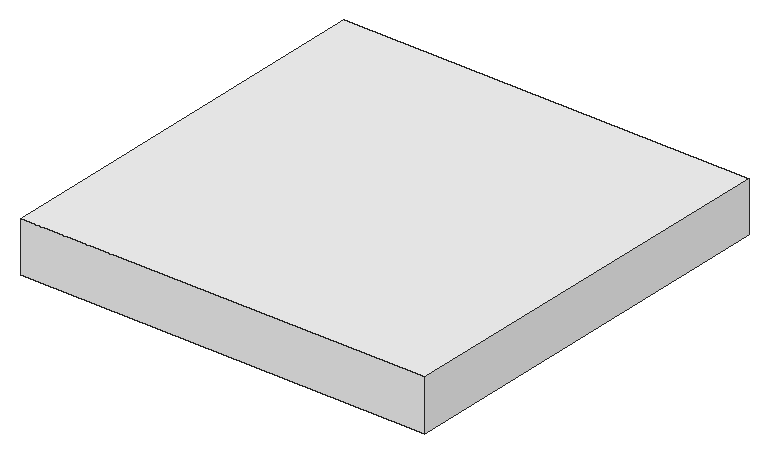
Revit family "006459", category Sanitärinstallationen, Revit 2014
Parameters
  Default Elevation = 1219.2 mm
  URL = "http://www.duravit.de"
  Produktseite / Product URL = "http://pro.duravit.com/006459"
  Modellbezeichnung / Model Descrption = "WC-Sitz Happy D.2 Weiss / Seat and cover Happy D.2 white"
  Modell = "006459"
  Material Keramik = Duravit Keramik
  Material Chrom = Stahl, verchromt
  Lüftungsverbindung = no
  LEED Credit = 0
  KW-Verbindung = no
  Hersteller = "Duravit"
  HW-Verbindung = no
  Familie von / Family made by = "http://www.bytesandbuilding.de"
  E-Mail Kontakt = "architects@duravit.com"
  Behindertengerecht / ADA Compliant = yes
  Baugruppenkennzeichen = "D2010"
  Abwasserrohrverbindung = no
Reference planes
  plane 1 "Mitte (Vorne/Hinten)": y = 0
  plane 2: z = 0
  plane 3 "Mitte (Links/Rechts)": x = 0
Forms (mm)
  Extrusion 1, solid
    sketch origin (0, 0, 0) x (1, 0, 0) y (0, 1, 0)
      loop
        line (-1219.2, 1219.2) -> (-1219.2, -1219.2) -> (1219.2, -1219.2) -> (1219.2, 1219.2) -> (-1219.2, 1219.2)
    from 0 to -304.8
Dimensions and locks
  aligned and locked: plane 2 to Extrusion 1
  aligned and locked: level to Extrusion 1
  aligned and locked: plane 1 "Mitte (Vorne/Hinten)" to nested 1
  aligned and locked: plane 3 "Mitte (Links/Rechts)" to nested 1
Nested families
  nested 1: "006459_" at (0, 0, 0), type "006459_"
    with Mischbatterie yes, Material Keramik Duravit Keramik, Material Chrom Stahl, verchromt
Definition of nested family "006459_"
  Parameters (values of type "006459_")
    Mischbatterie [instance] = yes
    Material Keramik [instance] = Duravit Keramik
    Material Chrom [instance] = Stahl, verchromt
  Reference planes
    plane 1 "Mitte (Vorne/Hinten)": y = 0
    plane 2: z = 0
    plane 3 "Mitte (Links/Rechts)": x = 0
  Dimensions and locks
    aligned and locked: level to plane 2
